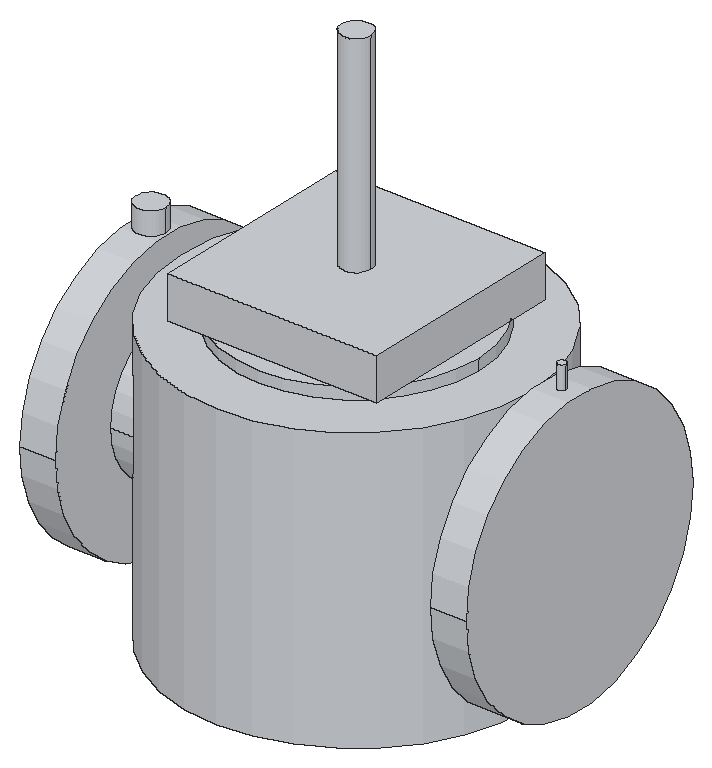
Revit family "OPTIMA_Compact_FLANGE_PN16_DN200-LF_RFA_2018", category Pipe Accessories, Revit 2018
Family settings
  Round Connector Dimension = Use Diameter
  Part Type = Valve - Breaks Into
  Work Plane-Based = No
  Always vertical = Yes
  Cut with Voids When Loaded = No
  Shared = No
Parameters (values of type "Optima Compact Flange PN16 DN200 LF")
  magiProductId = ""
  magiProductFamilyId = ""
  magiPartTypeId = 304
  isMeasuringValve [instance] = no
  ang2D [instance] = 0.00°
  W2D = 100 mm
  VersionID = "2.0/2018.8.28.1/FRESE_OPTIMA_FLANGE_Q13_002"
  Use Minimum Symbol Size [instance] = yes
  URL = "www.hydronic.cz"
  Type Comments = "Přírubový; PN16; 0~110°C, s měřením"
  R4 = 164.5 mm
  R3 = 98.8 mm
  R1 = 235 mm
  QmdConnectorList = "301;D;302;D"
  Productdata [instance] = ""
  Manufacturer = "Hydronic Systems Prague s.r.o."
  MC Product Code = "53-1206 (DN200 LF; 43mm; pohon min 1500N; Qmin-dpmin 95000l/h-11.0kPa; Qmax-dpmin 210000l/h-32.0kPa; dpmax 800kPa)"
  MC Piping Given Pressure Drop [instance] = 0.0 Pa
  LF__ve = -LF  # -48 mm
  LF2 = 24 mm
  LF = 48 mm
  L4 = 282 mm
  L3 = 504 mm
  L2D_Min = 3048 mm
  L2D = 350 mm
  L2 = 300 mm
  H6 = 281 mm
  H4 = 57 mm
  H3 = 15 mm
  H2 = 209 mm
  H1 = 380 mm
  Description = "Tlakově nezávislý 2-cestný regulační vyvažovací ventil (PICV)"
  DF2 = 190 mm
  D = 200 mm
  CAT0 = yes
Types (14, lengths in mm): name | magiProductId | magiProductFamilyId | W2D | Type Comments | R4 | R3 | R1 | MC Product Code | LF__ve | LF2 | LF | L4 | L3 | L2D | L2 | H6 | H4 | H3 | H2 | H1 | DF2 | D
  Optima Compact Flange PN16 DN050 LF | "Frese Optima Flange DN050 LF" | "Frese Optima Flange *" | 50 | "Přírubový; PN16; 0~120°C, s měřením" | 40.3 | 42.9 | 57.5 | "53-1200 (DN50 LF; 20mm; pohon min 1000N; Qmin-dpmin 2500l/h-6.5kPa; Qmax-dpmin 15000l/h-20.0kPa; dpmax 800kPa)" | -18.4 | 9.2 | 18.4 | 108.1 | 193.2 | 230 | 115 | 157.3 | 24.8 | 20.6 | 61.9 | 123.8 | 82.5 | 50
  Optima Compact Flange PN16 DN050 HF | "Frese Optima Flange DN050 HF" | "Frese Optima Flange *" | 50 | "Přírubový; PN16; 0~120°C, s měřením" | 40.25 | 42.9 | 57.5 | "53-1210 (DN50 HF; 20mm; pohon min 1000N; Qmin-dpmin 3900l/h-19.0kPa; Qmax-dpmin 24000l/h-50.0kPa; dpmax 800kPa)" | -18.4 | 9.2 | 18.4 | 108.1 | 193.2 | 230 | 115 | 157.25 | 24.75 | 20.625 | 61.875 | 123.75 | 82.5 | 50
  Optima Compact Flange PN16 DN065 LF | "Frese Optima Flange DN065 LF" | "Frese Optima Flange *" | 50 | "Přírubový; PN16; 0~120°C, s měřením" | 50.75 | 48.1 | 72.5 | "53-1201 (DN65 LF; 20mm; pohon min 1000N; Qmin-dpmin 4400l/h-15.0kPa; Qmax-dpmin 25000l/h-25.0kPa; dpmax 800kPa)" | -23.2 | 11.6 | 23.2 | 136.3 | 243.6 | 230 | 145 | 171.25 | 27.75 | 23.125 | 69.375 | 138.75 | 92.5 | 65
  Optima Compact Flange PN16 DN065 HF | "Frese Optima Flange DN065 HF" | "Frese Optima Flange *" | 50 | "Přírubový; PN16; 0~120°C, s měřením" | 50.75 | 48.1 | 72.5 | "53-1211 (DN65 HF; 20mm; pohon min 1000N; Qmin-dpmin 6000l/h-30.0kPa; Qmax-dpmin 35000l/h-55.0kPa; dpmax 800kPa)" | -23.2 | 11.6 | 23.2 | 136.3 | 243.6 | 230 | 145 | 171.25 | 27.75 | 23.125 | 69.375 | 138.75 | 92.5 | 65
  Optima Compact Flange PN16 DN080 LF | "Frese Optima Flange DN080 LF" | "Frese Optima Flange *" | 50 | "Přírubový; PN16; 0~120°C, s měřením" | 54.25 | 52 | 77.5 | "53-1202 (DN80 LF; 20mm; pohon min 1000N; Qmin-dpmin 5300l/h-16.0kPa; Qmax-dpmin 34000l/h-25.0kPa; dpmax 800kPa)" | -24.8 | 12.4 | 24.8 | 145.7 | 260.4 | 230 | 155 | 183 | 30 | 25 | 75 | 150 | 100 | 80
  Optima Compact Flange PN16 DN080 HF | "Frese Optima Flange DN080 HF" | "Frese Optima Flange *" | 50 | "Přírubový; PN16; 0~120°C, s měřením" | 54.25 | 52 | 77.5 | "53-1212 (DN80 HF; 20mm; pohon min 1000N; Qmin-dpmin 7000l/h-23.0kPa; Qmax-dpmin 43000l/h-50.0kPa; dpmax 800kPa)" | -24.8 | 12.4 | 24.8 | 145.7 | 260.4 | 230 | 155 | 183 | 30 | 25 | 75 | 150 | 100 | 80
  Optima Compact Flange PN16 DN100 LF | "Frese Optima Flange DN100 LF" | "Frese Optima Flange *" | 50 | "Přírubový; PN16; 0~120°C, s měřením" | 61.25 | 61.1 | 87.5 | "53-1203 (DN100 LF; 40mm; pohon min 1000N; Qmin-dpmin 12100l/h-20.0kPa; Qmax-dpmin 68000l/h-35.0kPa; dpmax 800kPa)" | -28 | 14 | 28 | 164.5 | 294 | 230 | 175 | 268.75 | 35.25 | 29.375 | 88.125 | 176.25 | 117.5 | 100
  Optima Compact Flange PN16 DN100 HF | "Frese Optima Flange DN100 HF" | "Frese Optima Flange *" | 50 | "Přírubový; PN16; 0~120°C, s měřením" | 61.25 | 61.1 | 87.5 | "53-1213 (DN100 HF; 40mm; pohon min 1000N; Qmin-dpmin 14800l/h-30.0kPa; Qmax-dpmin 90000l/h-75.0kPa; dpmax 800kPa)" | -28 | 14 | 28 | 164.5 | 294 | 230 | 175 | 268.75 | 35.25 | 29.375 | 88.125 | 176.25 | 117.5 | 100
  Optima Compact Flange PN16 DN125 LF | "Frese Optima Flange DN125 LF" | "Frese Optima Flange *" | 50 | "Přírubový; PN16; 0~120°C, s měřením" | 70 | 70.2 | 100 | "53-1204 (DN125 LF; 40mm; pohon min 1000N; Qmin-dpmin 18500l/h-16.0kPa; Qmax-dpmin 110000l/h-35.0kPa; dpmax 800kPa)" | -32 | 16 | 32 | 188 | 336 | 230 | 200 | 275.5 | 40.5 | 33.75 | 101.25 | 202.5 | 135 | 125
  Optima Compact Flange PN16 DN125 HF | "Frese Optima Flange DN125 HF" | "Frese Optima Flange *" | 50 | "Přírubový; PN16; 0~120°C, s měřením" | 70 | 70.2 | 100 | "53-1214 (DN125 HF; 40mm; pohon min 1000N; Qmin-dpmin 23000l/h-27.0kPa; Qmax-dpmin 135000l/h-53.0kPa; dpmax 800kPa)" | -32 | 16 | 32 | 188 | 336 | 230 | 200 | 275.5 | 40.5 | 33.75 | 101.25 | 202.5 | 135 | 125
  Optima Compact Flange PN16 DN150 LF | "Frese Optima Flange DN150 LF" | "Frese Optima Flange *" | 50 | "Přírubový; PN16; 0~110°C, s měřením" | 84 | 74.1 | 120 | "53-1205 (DN150 LF; 43mm; pohon min 1500N; Qmin-dpmin 25600l/h-21.0kPa; Qmax-dpmin 148000l/h-35.0kPa; dpmax 800kPa)" | -38.4 | 19.2 | 38.4 | 225.6 | 403.2 | 230 | 240 | 279.25 | 42.75 | 35.625 | 106.875 | 213.75 | 142.5 | 150
  Optima Compact Flange PN16 DN150 HF | "Frese Optima Flange DN150 HF" | "Frese Optima Flange *" | 50 | "Přírubový; PN16; 0~110°C, s měřením" | 84 | 74.1 | 120 | "53-1215 (DN150 HF; 43mm; pohon min 1500N; Qmin-dpmin 32000l/h-33.0kPa; Qmax-dpmin 195000l/h-65.0kPa; dpmax 800kPa)" | -38.4 | 19.2 | 38.4 | 225.6 | 403.2 | 230 | 240 | 279.25 | 42.75 | 35.625 | 106.875 | 213.75 | 142.5 | 150
  Optima Compact Flange PN16 DN200 LF | "" | "" | 100 | "Přírubový; PN16; 0~110°C, s měřením" | 164.5 | 98.8 | 235 | "53-1206 (DN200 LF; 43mm; pohon min 1500N; Qmin-dpmin 95000l/h-11.0kPa; Qmax-dpmin 210000l/h-32.0kPa; dpmax 800kPa)" | -48 | 24 | 48 | 282 | 504 | 350 | 300 | 281 | 57 | 15 | 209 | 380 | 190 | 200
  Optima Compact Flange PN16 DN200 HF | "" | "" | 100 | "Přírubový; PN16; 0~110°C, s měřením" | 164.5 | 98.8 | 235 | "53-1216 (DN200 HF; 43mm; pohon min 1500N; Qmin-dpmin 130000l/h-31.0kPa; Qmax-dpmin 280000l/h-78.0kPa; dpmax 800kPa)" | -48 | 24 | 48 | 282 | 504 | 350 | 300 | 281 | 57 | 15 | 209 | 380 | 190 | 200
Reference planes
  plane 1 "Center (Front/Back)": y = 0
  plane 2 "XYPLANE": z = 0
  plane 3 "Center (Left/Right)": x = 0
  plane 4 "157": x = 276
  plane 5 "156": x = -276
  plane 6 "155": z = 190
  plane 7 "154": z = 243
  plane 8 "153": z = 186
  plane 9 "152": z = 171
  plane 10 "151": x = -252
  plane 11 "150": z = -209
  plane 12 "149": x = 0
  plane 13 "148": y = 0
  plane 14 "147": z = 0
  plane 15 "146": x = -300
  plane 16 "145": x = 300
Forms (mm)
  Extrusion 1, solid, visible <- "CAT0"
    sketch origin (-750, 0, 190) x (1, 0, 0) y (0, 1, 0)
      loop
        circle (1026, 0) r 5.5
    from 0 to 30
  Extrusion 2, solid, visible <- "CAT0"
    sketch origin (-750, 0, 190) x (1, 0, 0) y (0, 1, 0)
      loop
        circle (474, 0) r 20.3
    from 0 to 30
  Extrusion 3, solid, visible <- "CAT0"
    sketch origin (-750, 0, 243) x (1, 0, 0) y (0, 1, 0)
      loop
        circle (750, 0) r 20
    from 0 to 281 <- "H6"
  Extrusion 4, solid, visible <- "CAT0"
    sketch origin (-750, 0, 186) x (1, 0, 0) y (0, 1, 0)
      loop
        line (891, 141) -> (609, 141) -> (609, -141) -> (891, -141) -> (891, 141)
    from 0 to 57 <- "H4"
  Extrusion 5, solid, visible <- "CAT0"
    sketch origin (-750, 0, 171) x (1, 0, 0) y (0, 1, 0)
      loop
        circle (750, 0) r 164.5
    from 0 to 15 <- "H3"
  Extrusion 6, solid, visible <- "CAT0"
    sketch origin (-252, -750, 0) x (0, 1, 0) y (0, 0, 1)
      loop
        circle (750, 0) r 98.8
    from 0 to 504 <- "L3"
  Extrusion 7, solid, visible <- "CAT0"
    sketch origin (-750, 0, -209) x (1, 0, 0) y (0, 1, 0)
      loop
        circle (750, 0) r 235
    from 0 to 380 <- "H1"
  Extrusion 8, solid, visible <- "CAT0"
    sketch origin (-300, -750, 0) x (0, 1, 0) y (0, 0, 1)
      loop
        circle (750, 0) r 190
    from 0 to 48 <- "LF"
  Extrusion 9, solid, visible <- "CAT0"
    sketch origin (300, -750, 0) x (0, 1, 0) y (0, 0, 1)
      loop
        circle (750, 0) r 190
    from 0 to -48 <- "LF__ve"
  Extrusion 10, solid, not visible
    sketch origin (-300, -750, 0) x (0, 1, 0) y (0, 0, 1)
      loop
        circle (750, 0) r 10
    from 0 to 10
  Extrusion 11, solid, not visible
    sketch origin (300, -750, 0) x (0, 1, 0) y (0, 0, 1)
      loop
        circle (750, 0) r 10
    from 0 to -10
Lines and regions (mm)
  reference lines, not visible
    curve 1: circle (2, 2, 0) r 1 normal (0, 0, 1)
  reference lines
    curve 2: circle (0, 0, 186) r 1 normal (0, 0, 1)
Dimensions and locks
  plane 1 "Center (Front/Back)" to curve 1 = 2 mm
  "LF2": plane 16 "145" to plane 4 "157"
  "LF2": plane 15 "146" to plane 5 "156"
  "DF2": plane 2 "XYPLANE" to plane 6 "155"
  "H4": plane 8 "153" to plane 7 "154"
  "H3": plane 9 "152" to plane 8 "153"
  "H1": plane 11 "150" to plane 9 "152"
  "LF": plane 15 "146" to plane 10 "151"
  "H2": plane 2 "XYPLANE" to plane 11 "150"
  locked: plane 3 "Center (Left/Right)" to plane 12 "149"
  locked: plane 1 "Center (Front/Back)" to plane 13 "148"
  locked: plane 2 "XYPLANE" to plane 14 "147"
  "L2": plane 3 "Center (Left/Right)" to plane 15 "146"
  "L2": plane 3 "Center (Left/Right)" to plane 16 "145"
  equal spacing: Extrusion 4 sketch curve, curve 2, Extrusion 4 sketch curve  (x2)
  "L4": Extrusion 4 sketch curve to Extrusion 4 sketch curve  (x2)
  Extrusion 4 sketch curve to Extrusion 4 sketch curve = 0 mm  (x8)
  "R4": radius of Extrusion 5 sketch curve
  "R3": radius of Extrusion 6 sketch curve
  "R1": radius of Extrusion 7 sketch curve
  "DF2": radius of Extrusion 8 sketch curve
  "DF2": radius of Extrusion 9 sketch curve
  aligned and locked: level to plane 2 "XYPLANE"
  aligned and locked: plane 4 "157" to Extrusion 1 sketch curve
  aligned and locked: plane 13 "148" to Extrusion 1 sketch curve
  aligned and locked: plane 5 "156" to Extrusion 2 sketch curve
  aligned and locked: plane 13 "148" to Extrusion 2 sketch curve
  aligned and locked: plane 12 "149" to Extrusion 3 sketch curve
  aligned and locked: plane 13 "148" to Extrusion 3 sketch curve
  aligned and locked: plane 12 "149" to curve 2
  aligned and locked: plane 13 "148" to curve 2
  aligned and locked: plane 12 "149" to Extrusion 5 sketch curve
  aligned and locked: plane 13 "148" to Extrusion 5 sketch curve
  aligned and locked: Extrusion 6 sketch curve to plane 13 "148"
  aligned and locked: plane 14 "147" to Extrusion 6 sketch curve
  aligned and locked: plane 12 "149" to Extrusion 7 sketch curve
  aligned and locked: plane 13 "148" to Extrusion 7 sketch curve
  aligned and locked: Extrusion 8 sketch curve to plane 13 "148"
  aligned and locked: plane 14 "147" to Extrusion 8 sketch curve
  aligned and locked: Extrusion 9 sketch curve to plane 13 "148"
  aligned and locked: plane 14 "147" to Extrusion 9 sketch curve
  aligned and locked: Extrusion 10 sketch curve to plane 13 "148"
  aligned and locked: plane 14 "147" to Extrusion 10 sketch curve
  aligned and locked: Extrusion 11 sketch curve to plane 13 "148"
  aligned and locked: plane 14 "147" to Extrusion 11 sketch curve
Automatic sketch dimensions
  Extrusion 1 sketch curve to plane 4 "157" = 5.5 mm
  plane 15 "146" to Extrusion 2 sketch curve = 3.7 mm
  Extrusion 3 sketch curve to plane 3 "Center (Left/Right)" = 20 mm
  plane 1 "Center (Front/Back)" to Extrusion 10 sketch curve = 10 mm
  plane 1 "Center (Front/Back)" to Extrusion 11 sketch curve = 10 mm
  plane 3 "Center (Left/Right)" to curve 1 = 2 mm
  plane 10 "151" to Extrusion 4 sketch curve = 111 mm
  plane 1 "Center (Front/Back)" to Extrusion 4 sketch curve = 141 mm
  radius of curve 2 = 1 mm
  radius of curve 1 = 1 mm
Connectors
  piping at (-300, 0, 0), diameter 200, driven by "D"
    settings: on Extrusion 10, index 1, connector inside diameter 609.6 mm, connector length 0 mm, flow factor 0, pipe flow 0.0 L/s, pressure drop 0.0 Pa, fitting loss kfactor 0, connector angle 0.00°, fixture units 0, engagement length 0 mm, angle of deflection 0.00°, flow configuration 0, flow direction 0, fitting loss method 0, system type 29, joint type 0, gender type 0, connector reference index 2, connector utility 0, adjustable connector no, is connector primary yes, connector description ""
  piping at (300, 0, 0), diameter 200, driven by "D"
    settings: on Extrusion 11, index 2, connector inside diameter 609.6 mm, connector length 0 mm, flow factor 0, pipe flow 0.0 L/s, pressure drop 0.0 Pa, fitting loss kfactor 0, connector angle 0.00°, fixture units 0, engagement length 0 mm, angle of deflection 0.00°, flow configuration 0, flow direction 0, fitting loss method 0, system type 29, joint type 0, gender type 0, connector reference index 1, connector utility 0, adjustable connector no, is connector primary no, connector description ""
